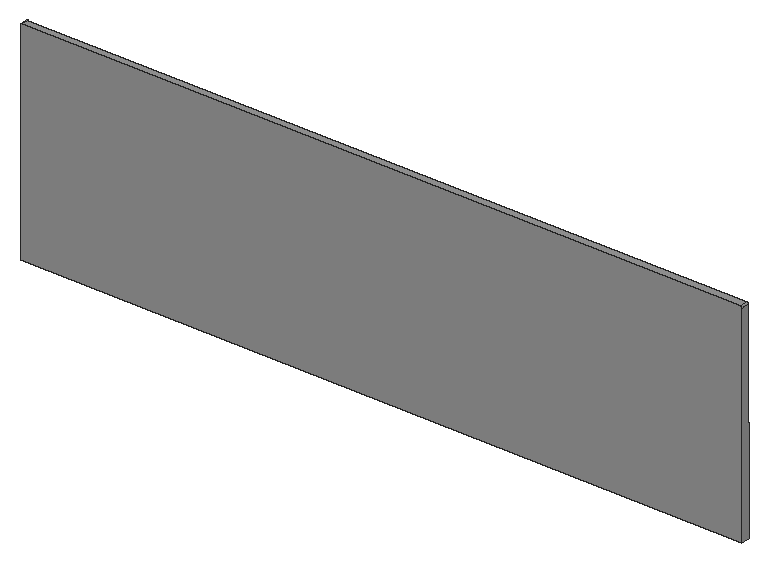
Revit family "Haworth_BelongGallaryEndPanel_Limited", category Furniture Systems, Revit 2018
Family settings
  Round Connector Dimension = Use Diameter
  Part Type = Normal
  OmniClass Number = 23.40.70.14.64.21
  OmniClass Title = Systems Furniture
  Work Plane-Based = No
  Always vertical = Yes
  Cut with Voids When Loaded = No
  Shared = No
  Room Calculation Point = No
Parameters (values of type "42h 144w")
  Worksurface Thickness = 1 3/16"  # constant formula
  Width = 144"
  Warranty = "http://www.haworth.com/resources/product-info/warranties"
  URL - Product = "http://www.haworth.com/products/accessories/privacy-screens/belong-plus-privacy-screens"
  URL = "http://www.haworth.com/"
  Type Comments = ""
  Sustainability Info = "https://www.haworth.com/na/en/expertise/sustainability.html"
  Size = "Verify Final Dim. w/ Haworth"  # constant formula
  Screen Finish = Haworth _ Laminate _ Undecided _ Panel
  Screen Depth = 1 1/2"  # constant formula
  Revision Number = "1"  # constant formula
  Panel Bottom Offset = 0"  # constant formula
  Bracket Width = 1 1/4"  # constant formula
  Bracket Finish = Haworth _ Paint _ Undecided
  Actual Mounting Height = 27 13/16"
  Actual Bottom of Glass Height [instance] = 24 9/16"  # constant formula
  Model = "Haworth - Belong Gallary Panel"  # constant formula
  Standard Widths = "23-58 in."
  Standard Heights = "17in. or 25 in."
  Min. Width = 24"  # constant formula
  Max. Width = 300"  # constant formula
  Min. Height = 17"  # constant formula
  Max. Height = 50"  # constant formula
  Manufacturer = "Haworth"  # constant formula
  Height = 42"
  Description = "Haworth - Belong Gallary Panel"
  Bracket Spacing = Actual Width - 10"  # 133 1/2"
  Bracket Offset = 4 3/8"  # constant formula
  Author = "Haworth (Bentzen)"  # constant formula
  Assembly Code = "E2020200"
  Actual Width = if(Width > Max. Width, Max. Width - 1/2", if(Width < Min. Width, Min. Width - 1/2", Width - 1/2"))  # 143 1/2"
  Actual Height = if(Height > Max. Height, Max. Height, if(Height < Min. Height, Min. Height, Height))  # 42"
Types (3): name | Width | Standard Widths | Standard Heights | Height | Bracket Spacing | Actual Width | Actual Height
  42h 144w | 144" | "23-58 in." | "17in. or 25 in." | 42" | 133 1/2" | 143 1/2" | 42"
  42h 42w | 42" | "" | "" | 42" | 31 1/2" | 41 1/2" | 42"
  50h 63w | 63" | "23-58 in." | "17in. or 25 in." | 50" | 52 1/2" | 62 1/2" | 50"
Reference planes (in)
  plane 1 "Center F/B": y = 0
  plane 2: z = 0
  plane 3 "Center L/R": x = -1.28601
  plane 4 "Screen Top": z = 42
  plane 5 "Bottom": z = 0
  plane 6 "Left": x = -73.03601
  plane 7 "Right": x = 70.46399
  plane 8 "Back": y = 0.75
  plane 9 "Table Height Bottom": z = 27.8125
  plane 10 "Front": y = -0.75
  plane 11 "Right Bracket": x = 66.08899
  plane 12 "Left Bracket": x = -68.66101
  plane 13 "Panel Bottom": z = 0
  plane 14: y = 3.875
  plane 15: z = 25.75
  plane 16: x = -1.91101
  plane 17: x = -0.66101
Forms (in)
  Extrusion 1, solid, material "Haworth _ Laminate _ Undecided _ Panel" <- "Screen Finish"
    sketch origin (0, 0, 24) x (1, 0, 0) y (0, 0, 1)
      loop
        arc (-72.72351, 18) -> (-72.94448, 17.90847) -> (-73.03601, 17.6875) r 0.3125
        line (-73.03601, 17.6875) -> (-73.03601, -24) -> (70.46399, -24) -> (70.46399, 17.6875)
        arc (70.46399, 17.6875) -> (70.37247, 17.90847) -> (70.15149, 18) r 0.3125
        line (70.15149, 18) -> (-72.72351, 18)
    from 0.75 to -0.75
Lines and regions (in)
  Masking region 1
    outline origin (0, 0, 42) x (-1, 0, 0) y (0, -1, 0)
      loop
        line (73.03601, -0.75) -> (73.03601, 0.75) -> (-70.46399, 0.75) -> (-70.46399, -0.75) -> (73.03601, -0.75)
  Masking region 2, detail levels fine
    outline origin (11.27631, 4.10424, 0) x (1, 0, 0) y (0, 1, 0)
      loop
        line (-13.18732, -0.22924) -> (-13.18732, -3.35424) -> (-11.93732, -3.35424) -> (-11.93732, -0.22924) -> (-13.18732, -0.22924)
Dimensions and locks (in)
  "Actual Height": plane 4 "Screen Top" to plane 5 "Bottom"
  equal spacing: plane 7 "Right", plane 3 "Center L/R", plane 6 "Left"
  "Actual Width": plane 6 "Left" to plane 7 "Right"
  "Screen Depth": plane 8 "Back" to plane 10 "Front"
  equal spacing: plane 8 "Back", plane 1 "Center F/B", plane 10 "Front"
  "Actual Mounting Height": plane 9 "Table Height Bottom" to plane 2
  "Bracket Offset": plane 7 "Right" to plane 11 "Right Bracket"
  "Bracket Offset": plane 12 "Left Bracket" to plane 6 "Left"
  plane 5 "Bottom" to plane 2 = 0"
  "Panel Bottom Offset": plane 13 "Panel Bottom" to plane 5 "Bottom"
  locked: plane 8 "Back" to plane 14 at 3.125
  locked: plane 9 "Table Height Bottom" to plane 15 at 2.0625
  equal spacing: plane 16, plane 3 "Center L/R", plane 17
  "Bracket Width": plane 16 to plane 17
  plane 4 "Screen Top" to plane 5 "Bottom" = 42"
  aligned and locked: Extrusion 1 sketch curve to plane 4 "Screen Top"
  aligned and locked: plane 7 "Right" to Extrusion 1 sketch curve
  aligned and locked: Extrusion 1 to plane 8 "Back"
  aligned and locked: Extrusion 1 to plane 10 "Front"
  aligned and locked: Masking region 1 sketch curve to Extrusion 1  (x2)
  aligned and locked: plane 10 "Front" to Masking region 1 sketch curve
  aligned and locked: plane 7 "Right" to Masking region 1 sketch curve
  aligned and locked: Extrusion 1 to plane 13 "Panel Bottom"
  aligned and locked: plane 8 "Back" to Masking region 2 sketch curve
  aligned and locked: Masking region 2 sketch curve to plane 14
  aligned and locked: plane 17 to Masking region 2 sketch curve
  aligned and locked: plane 16 to Masking region 2 sketch curve
Automatic sketch dimensions
  Extrusion 1 sketch curve to plane 6 "Left" = 0"
  Extrusion 1 sketch curve to plane 5 "Bottom" = 0"
  Extrusion 1 sketch curve to plane 4 "Screen Top" = 5/16"
  plane 7 "Right" to Extrusion 1 sketch curve = 5/16"
